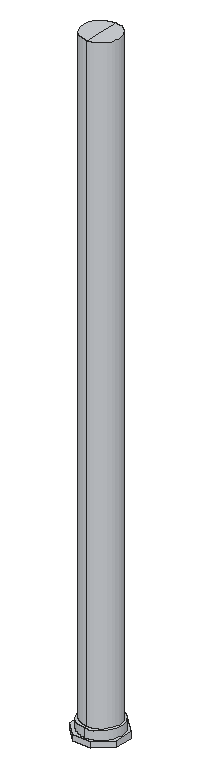
Revit family "Tank 2", category Mechanical Equipment, Revit 2022
Family settings
  Round Connector Dimension = Use Diameter
  Classification = None
  Part Type = Normal
  Work Plane-Based = No
  Always vertical = No
  Cut with Voids When Loaded = No
  Maintain Annotation Orientation = No
  Shared = No
  Room Calculation Point = No
Reference planes
  plane 1: y = 0
  plane 2: z = 0
  plane 3: x = 0
Forms (mm)
  Revolve 1, solid
    sketch origin (50.723, -20.538, 1900.04) x (0, 0, -1) y (0, 1, 0)
      loop
        line (666.782, -1542.688) -> (719.075, -1737.848) -> (1423.075, -1737.848) -> (1423.075, -30.176) -> (-50844.94, -30.176) -> (-50844.94, -1542.688) -> (666.782, -1542.688)
      axis (-50844.94, -30.176) -> (1423.075, -30.176)
    angle from 0 to 360
  Extrusion 2, solid
    sketch origin (-191.277, 181.462, 1926.04) x (-1, 0, 0) y (0, -1, 0)
      loop
        line (1742.01, 1007.166) -> (585.116, 2164.059) -> (-940.159, 2164.059) -> (-2124.564, 979.654) -> (-2124.564, -466.07) -> (-789.499, -1801.135) -> (464.221, -1801.135) -> (1742.01, -523.346) -> (1742.01, 1007.166)
    from -1925.672 to -1448.986
